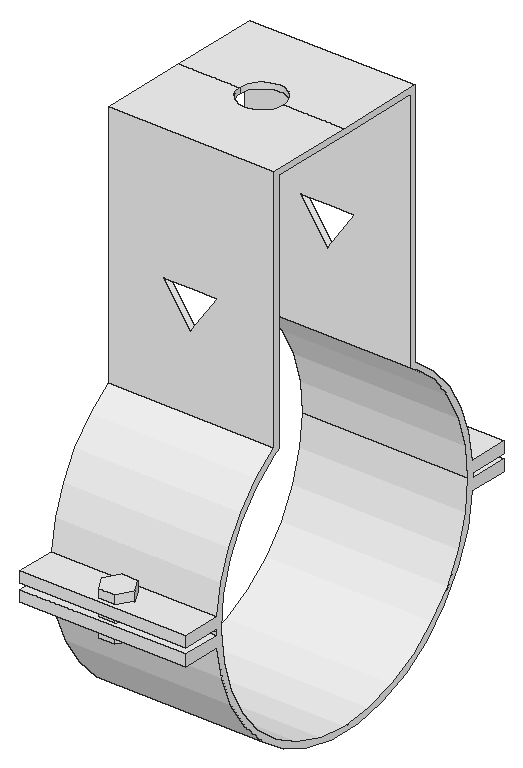
Revit family "QSS+_Хомут облегченный", category Обобщенные модели, Revit 2019
Family settings
  Может служить основой для арматурных стержней = Нет
  Размер круглого соединителя = Использовать диаметр
  Тип детали = Нормальный
  На основе рабочей плоскости = Нет
  Всегда вертикально = Нет
  При загрузке вырезать с полостями = Нет
  Общий = Да
  Точка расчета площади = Нет
Parameters (values of type "QSS")
  Поиск в таблице имен = "QSS_Хомут облегченный"
  Материал_Корпус = Металл
  d4 [instance] = 16 mm  # constant formula
  d3 [instance] = 40 mm  # constant formula
  d2 [instance] = d + 2 mm  # 58 mm
  L2 [instance] = 15 mm
  L1 [instance] = if(d > 130 mm, 15 mm, 7 mm)  # 7 mm
  d [instance] = 56 mm
  ADSK_Наименование [instance] = size_lookup(Поиск в таблице имен, "ADSK_Наименование", "Нет в каталоге", d)  # "Хомут облегченный d56"
  ADSK_Масса_Текст [instance] = "1,62"
  ADSK_Масса [instance] = 0
  ADSK_Марка = ""
  ADSK_Код изделия [instance] = size_lookup(Поиск в таблице имен, "ADSK_Код изделия", "Нет в каталоге", d)  # "QSS-BKT-056"
  ADSK_Завод-изготовитель = "Agpipe"  # constant formula
  ADSK_Единица измерения = "шт."  # constant formula
Types (2): name
  QSS
  QSS+
Reference planes
  plane 1 "По центру (Вперед/Назад)": y = 0
  plane 2: z = 0
  plane 3 "По центру (Влево/Вправо)": x = 0
  plane 4: y = -29
  plane 5: y = 29
  plane 6: z = 29
  plane 7: z = -29
  plane 8: z = 69
  plane 9: y = -16
  plane 10: y = 16
  plane 11: y = 36
  plane 12: y = 32.5
  plane 13: y = -36
  plane 14: y = -32.5
Forms (mm)
  Extrusion 1, solid, material "Металл" <- "Материал_Корпус"
    sketch origin (0, 0, 0) x (0, 1, 0) y (0, 0, 1)
      loop
        circle (0, 0) r 28
      loop
        circle (0, 0) r 29
    from 15 to -15
  Extrusion 2, solid, material "Металл" <- "Материал_Корпус"
    sketch origin (0, 0, 0) x (0, 1, 0) y (0, 0, 1)
      loop
        line (16, 0) -> (16, 69) -> (0, 69) -> (-16, 69) -> (-16, 0) -> (-14.973, 0) -> (-14.973, 68.008) -> (0, 68.008) -> (14.973, 68.008) -> (14.973, 0) -> (16, 0)
    from 15 to -15
  Extrusion 3, void
    sketch origin (0, 0, 0) x (0, 1, 0) y (0, 0, 1)
      loop
        line (14.973, 68.008) -> (-14.973, 68.008) -> (-14.973, 0) -> (14.973, 0) -> (14.973, 68.008)
    from 15 to -15
  Extrusion 4, void
    sketch origin (0, 0, 0) x (0, 1, 0) y (0, 0, 1)
      loop
        circle (0, 0) r 28
    from 15 to -15
  Extrusion 5, solid, material "Металл" <- "Материал_Корпус"
    sketch origin (0, 0, 0) x (0, 1, 0) y (0, 0, 1)
      loop
        line (36, 0.467) -> (36, 2.467) -> (28.259, 2.467) -> (28.259, 0.467) -> (36, 0.467)
      loop
        line (36, -0.467) -> (28.259, -0.467) -> (28.259, -2.467) -> (36, -2.467) -> (36, -0.467)
    from -15 to 15
  Extrusion 6, solid, material "Металл" <- "Материал_Корпус"
    sketch origin (0, 0, 0) x (0, -1, 0) y (0, 0, -1)
      loop
        line (36, -0.505) -> (28.259, -0.505) -> (28.259, -2.505) -> (36, -2.505) -> (36, -0.505)
      loop
        line (36, 0.505) -> (36, 2.505) -> (28.259, 2.505) -> (28.259, 0.505) -> (36, 0.505)
    from -15 to 15
  Extrusion 7, solid, material "Металл" <- "Материал_Корпус"
    sketch origin (0, 0, 0) x (1, 0, 0) y (0, 1, 0)
      loop
        line (3, 32.5) -> (1.5, 35.098) -> (-1.5, 35.098) -> (-3, 32.5) -> (-1.5, 29.902) -> (1.5, 29.902) -> (3, 32.5)
      loop
        line (3, -32.5) -> (1.5, -29.902) -> (-1.5, -29.902) -> (-3, -32.5) -> (-1.5, -35.098) -> (1.5, -35.098) -> (3, -32.5)
    from -4 to 4
  Extrusion 8, void
    sketch origin (0, 0, 0) x (1, 0, 0) y (0, 0, 1)
      loop
        line (0, 37.865) -> (4.914, 44.883) -> (0, 44.883) -> (-4.914, 44.883) -> (0, 37.865)
    from -23.669 to 23.158
  Extrusion 9, void
    sketch origin (0, 0, 0) x (1, 0, 0) y (0, 1, 0)
      loop
        circle (0, 0) r 4
    from 68.008 to 69
Cuts and joins
  Extrusion 3, Extrusion 4 cuts Extrusion 1
  Extrusion 3, Extrusion 4, Extrusion 8, Extrusion 9 cuts Extrusion 2
  joined: Extrusion 1, Extrusion 2, Extrusion 5, Extrusion 6
Dimensions and locks
  equal spacing: plane 5, plane 1 "По центру (Вперед/Назад)", plane 4
  "d2": plane 5 to plane 4
  equal spacing: plane 7, level, plane 6
  "d2": plane 6 to plane 7
  "d3": plane 8 to plane 6
  "d4": plane 1 "По центру (Вперед/Назад)" to plane 9
  "d4": plane 10 to plane 1 "По центру (Вперед/Назад)"
  locked: plane 8 to Extrusion 2 sketch curve at 0.992
  locked: Extrusion 2 sketch curve to Extrusion 2 sketch curve at 1.027  (x2)
  locked: plane 5 to Extrusion 5 sketch curve at 0.741  (x2)
  equal spacing: plane 11, plane 12, plane 5
  equal spacing: plane 4, plane 14, plane 13
  locked: Extrusion 6 sketch curve to plane 4 at 0.741  (x2)
  Extrusion 6 sketch curve to cut or joined group 1 (Extrusion 1, Extrusion 2, Extrusion 3, Extrusion 4, Extrusion 5, Extrusion 6, Extrusion 8, Extrusion 9) = 7.741 mm
  "L1": plane 4 to plane 13
  "L1": plane 11 to plane 5
  equal spacing: Extrusion 7 sketch curve, plane 12, Extrusion 7 sketch curve
  locked: Extrusion 7 sketch curve to Extrusion 7 sketch curve at 5.196  (x2)
  equal spacing: Extrusion 7 sketch curve, plane 14, Extrusion 7 sketch curve
  "d": diameter of Extrusion 1 sketch curve
  "d2": diameter of Extrusion 1 sketch curve
  "d": diameter of Extrusion 4 sketch curve
  aligned and locked: level to plane 2
  aligned and locked: plane 8 to Extrusion 2 sketch curve
  aligned and locked: Extrusion 2 sketch curve to plane 8
  aligned and locked: Extrusion 3 sketch curve to cut or joined group 1  (x2)
  aligned and locked: Extrusion 2 to level  (x2)
  aligned and locked: plane 11 to cut or joined group 1
  aligned and locked: Extrusion 6 sketch curve to plane 13
  aligned and locked: plane 13 to Extrusion 6 sketch curve
  aligned and locked: plane 11 to Extrusion 5 sketch curve
  aligned and locked: Extrusion 5 sketch curve to plane 11
  aligned and locked: plane 8 to Extrusion 9
  aligned and locked: cut or joined group 1 to Extrusion 9
Automatic sketch dimensions
  Extrusion 2 sketch curve to plane 9 = 0 mm
  Extrusion 2 sketch curve to plane 1 "По центру (Вперед/Назад)" = 0 mm  (x2)
  Extrusion 2 sketch curve to level = 0 mm  (x2)
  Extrusion 2 sketch curve to plane 10 = 0 mm
  Extrusion 3 sketch curve to level = 0 mm
  Extrusion 3 sketch curve to plane 8 = 0.992 mm
  Extrusion 5 sketch curve to level = 2.467 mm
  Extrusion 5 sketch curve to level = 0.467 mm
  level to Extrusion 5 sketch curve = 0.467 mm
  Extrusion 5 sketch curve to Extrusion 5 sketch curve = 2 mm
  level to Extrusion 6 sketch curve = 2.505 mm
  level to Extrusion 6 sketch curve = 0.505 mm
  Extrusion 6 sketch curve to level = 0.505 mm
  Extrusion 6 sketch curve to Extrusion 6 sketch curve = 2 mm
  Extrusion 7 sketch curve to plane 14 = 0 mm  (x2)
  plane 12 to Extrusion 7 sketch curve = 0 mm  (x2)
  Extrusion 7 sketch curve to plane 3 "По центру (Влево/Вправо)" = 3 mm  (x2)
  Extrusion 7 sketch curve to plane 3 "По центру (Влево/Вправо)" = 1.5 mm  (x4)
  plane 3 "По центру (Влево/Вправо)" to Extrusion 7 sketch curve = 1.5 mm  (x4)
  plane 3 "По центру (Влево/Вправо)" to Extrusion 7 sketch curve = 3 mm
  Extrusion 7 sketch curve to Extrusion 7 sketch curve = 1.5 mm
  Extrusion 8 sketch curve to plane 3 "По центру (Влево/Вправо)" = 0 mm  (x2)
  Extrusion 8 sketch curve to plane 3 "По центру (Влево/Вправо)" = 4.914 mm
  plane 3 "По центру (Влево/Вправо)" to Extrusion 8 sketch curve = 4.914 mm
  Extrusion 8 sketch curve to Extrusion 8 sketch curve = 7.018 mm
  Extrusion 8 sketch curve to plane 8 = 31.135 mm
  plane 1 "По центру (Вперед/Назад)" to Extrusion 9 sketch curve = 0 mm
  Extrusion 9 sketch curve to plane 3 "По центру (Влево/Вправо)" = 0 mm
  Extrusion 1 sketch curve to Extrusion 1 sketch curve = 0 mm  (x2)
  Extrusion 1 sketch curve to level = 0 mm
  Extrusion 1 sketch curve to plane 1 "По центру (Вперед/Назад)" = 0 mm
  Extrusion 4 sketch curve to level = 0 mm
  Extrusion 4 sketch curve to plane 1 "По центру (Вперед/Назад)" = 0 mm
  radius of Extrusion 9 sketch curve = 4 mm
